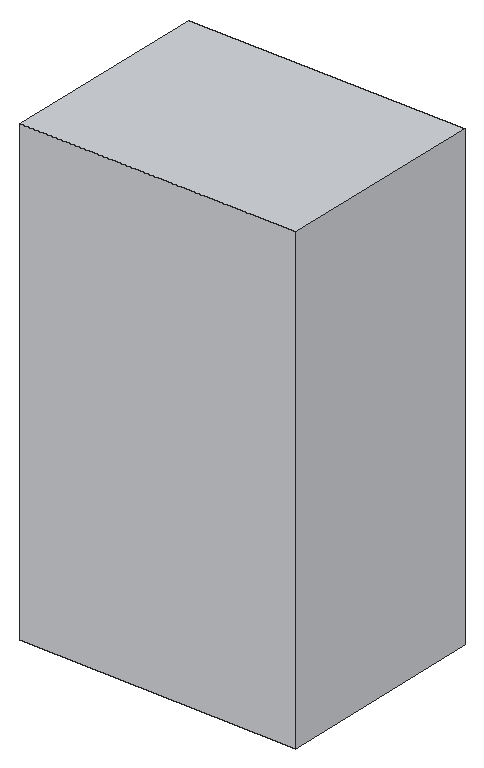
Revit family
Parameters
  Warranty Duration (Years) = 0
  Unit Length [instance] = 1' - 6"
  URL = "http://www.americanspecialties.com/viewCategories.cfm"
  Hook [instance] = Metal - Stainless Steel
  Test Data = ""
  Specification = "http://www.arcat.com/sdspecs/htm/10810asi.htm"
  SpecWizard = ""
  Send Message = "http://www.arcat.com/users.pl?action=UserEmail&company=American%20Specialties,%20Inc.&coid=30448&rep=139&fax=914-476-0688&mf="
  Sales Information = "http://www.americanspecialties.com/contact"
  Revision = "R1_10-2010"
  Product Properties = "http://www.americanspecialties.com/datasheets/7340.pdf"
  Product Data = "http://www.arcat.com/arcatcos/cos30/arc30448.html"
  Model = "As Specified in 10 28 13"
  Manufacturer Website = "http://www.americanspecialties.com/viewCategories.cfm"
  Manufacturer Phone - Toll Free = ""
  Manufacturer Phone = "914-476-9000 "
  Manufacturer Fax = "914-476-0688"
  Manufacturer Address = "441 Saw Mill River Rd., Yonkers, NY 10701"
  Manufacturer = "American Specialties, Inc."
  Maintenance Schedule (Months) = 0
  Keynote = "10 28 13"
  Installation-Fabrication = "http://www.americanspecialties.com/products.cfm"
  Green Building-LEED = ""
  Expected Lifespan (Years) = 0
  Drawn By = "Robert S. Weygant. CSI, CDT, SCIP"  # constant formula
  Description = "Toilet Accessory as Specified in 10 28 13"
  Default Elevation = 4' - 0"
  Copyright = "©Arcat Inc."
  Construction Details = "http://www.arcat.com/green/clients/leed_data_30448.html"
  Building Codes = "http://www.americanspecialties.com/products.cfm"
  Assembly Code = "C1030210"
Reference planes (in)
  plane 1 "Center (Front/Back)": y = -0.29112
  plane 2 "Floor Line": z = 0
  plane 3 "Center (Left/Right)": x = -0.65843
  plane 4: z = 0.4375
  plane 5: x = -1.65843
  plane 6: x = 0.34157
  plane 7: y = 0.70888
  plane 8: y = -1.29112
  plane 9: x = -0.40843
  plane 10: x = -0.90843
  plane 11: y = 0.20888
  plane 12: y = -0.79112
  plane 13: y = 0.33388
  plane 14: y = -0.91612
  plane 15: x = -0.28343
  plane 16: x = -1.03343
  plane 17: z = 1.625
  plane 18: z = 1.5625
Forms (in)
  Extrusion 1, solid
    sketch origin (-3, -9, -6) x (0, 0, -1) y (1, 0, 0)
      loop
        line (-82, 26) -> (-82, -19.34712) -> (-6, -19.34712) -> (-6, 26) -> (-82, 26)
    from 9 to -25.60721
  Extrusion 2, solid, material "Metal - Stainless Steel" <- "Hook"
    sketch origin (-14.32416, 1.98146, 0) x (-1, 0, 0) y (0, -1, 0)
      loop
        line (-14.54073, 1.27258) -> (-12.79073, 1.27258)
        arc (-12.79073, 1.27258) -> (-12.70234, 1.30919) -> (-12.66573, 1.39758) r 0.125
        line (-12.66573, 1.39758) -> (-12.66573, 3.14758)
        arc (-12.66573, 3.14758) -> (-12.70234, 3.23597) -> (-12.79073, 3.27258) r 0.125
        line (-12.79073, 3.27258) -> (-14.54073, 3.27258)
        arc (-14.54073, 3.27258) -> (-14.62912, 3.23597) -> (-14.66573, 3.14758) r 0.125
        line (-14.66573, 3.14758) -> (-14.66573, 1.39758)
        arc (-14.66573, 1.39758) -> (-14.62912, 1.30919) -> (-14.54073, 1.27258) r 0.125
    from 0 to 0.4375
  Extrusion 3, solid, material "Metal - Stainless Steel" <- "Hook"
    sketch origin (-10.31687, 0, 0) x (-1, 0, 0) y (0, -1, 0)
      loop
        line (-9.90843, -0.20888) -> (-9.40843, -0.20888) -> (-9.40843, 0.79112) -> (-9.90843, 0.79112) -> (-9.90843, -0.20888)
    from 0.4375 to 1.5625
  Extrusion 4, solid, material "Metal - Stainless Steel" <- "Hook"
    sketch origin (0, 0, 0) x (1, 0, 0) y (0, 1, 0)
      loop
        arc (-0.97093, 0.33388) -> (-1.01513, 0.31558) -> (-1.03343, 0.27138) r 0.0625
        line (-1.03343, 0.27138) -> (-1.03343, -0.85362)
        arc (-1.03343, -0.85362) -> (-1.01513, -0.89781) -> (-0.97093, -0.91612) r 0.0625
        line (-0.97093, -0.91612) -> (-0.34593, -0.91612)
        arc (-0.34593, -0.91612) -> (-0.30174, -0.89781) -> (-0.28343, -0.85362) r 0.0625
        line (-0.28343, -0.85362) -> (-0.28343, 0.27138)
        arc (-0.28343, 0.27138) -> (-0.30174, 0.31558) -> (-0.34593, 0.33388) r 0.0625
        line (-0.34593, 0.33388) -> (-0.97093, 0.33388)
    from 1.5625 to 1.625
Dimensions and locks (in)
  aligned and locked: plane 4 to Extrusion 2
  aligned and locked: Extrusion 3 to plane 4
  aligned and locked: Extrusion 2 to plane 5
  aligned and locked: plane 6 to Extrusion 2
  aligned and locked: Extrusion 2 to plane 7
  aligned and locked: plane 8 to Extrusion 2
  aligned and locked: Extrusion 3 to plane 10
  aligned and locked: plane 9 to Extrusion 3
  aligned and locked: Extrusion 3 to plane 11
  aligned and locked: plane 12 to Extrusion 3
  aligned and locked: plane 13 to Extrusion 4 sketch curve
  aligned and locked: Extrusion 4 sketch curve to plane 15
  aligned and locked: Extrusion 4 sketch curve to plane 14
  aligned and locked: plane 17 to Extrusion 4
  aligned and locked: Extrusion 4 to plane 18
  aligned and locked: plane 18 to Extrusion 3
  aligned and locked: plane 4 to Extrusion 3
  aligned and locked: Extrusion 2 to plane 4
